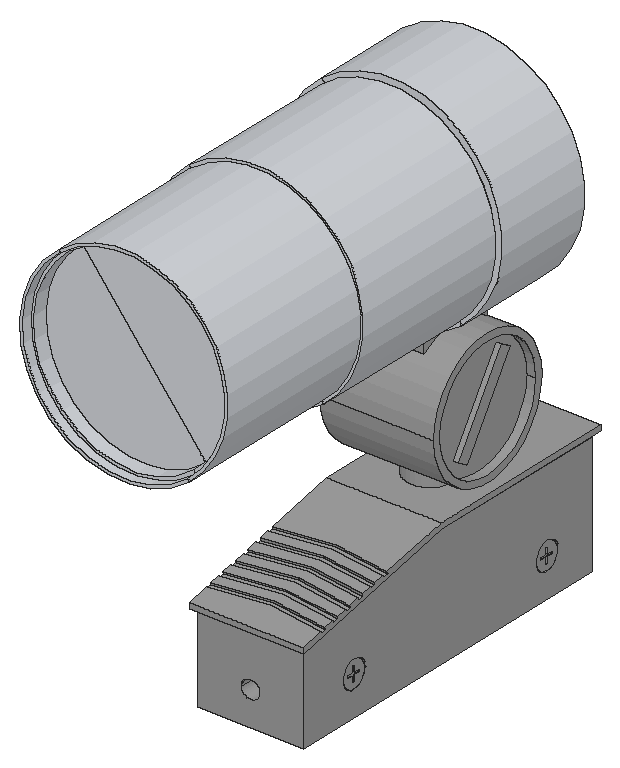
Revit family "TUBE GARDEN_JM6SW.1.24", category Luminarias, Revit 2019
Family settings
  Cota de conector redondo = Diámetro de uso
  Tipo de pieza = Normal
  Se basa en plano de trabajo = Sí
  Siempre vertical = No
  Corte con vacíos al cargar = No
  Origen de luz = Sí
  Compartido = No
  Punto de cálculo de habitación = No
Parameters (values of type "TUBE GARDEN_JM6SW.1.24")
  Ángulo de inclinación = 60.00°
  Zone [instance] = ""
  Watt per fixture = 7.4
  Wattage = 7.4 W
  built-in parameter 1150107 = 3000 (stored number, unit not read)
  built-in parameter 1150110 = 1 (stored number, unit not read)
  built-in parameter 1150109 = 1 (stored number, unit not read)
  built-in parameter 1150112 = 1 (stored number, unit not read)
  built-in parameter 1150113 = 1 (stored number, unit not read)
  built-in parameter 1114218 = 1 (stored number, unit not read)
  Keynote = ""
  built-in parameter 1150142 = "IESNA:LM-63-1995\r\n[TEST] \r\n[DATE] 2016/7/6\r\n[MANUFAC] BRILLANTE ILUMINACION\r\n[LUMCAT] JM6SW.1\r\n[LUMINAIRE] TUBE GARDEN\t\r\n[LAMPCAT] TUBE GARDEN  3000°K  24°\r\n[LAMP] \r\nTILT=NONE\r\n0 -1 1.0 19 9 1 2 0.000 0.000 0.000\r\n1 1 7.2\r\n0.0 5.0 10.0 15.0 20.0 25.0 30.0 35.0 40.0 45.0 50.0 55.0 60.0 65.0 70.0 75.0 80.0 85.0 90.0\r\n0.0 45.0 90.0 135.0 180.0 225.0 270.0 315.0 360.0 \r\n2039.378 1688.097 1147.246 629.132 390.301 278.055 183.834 67.594 25.399 21.609 16.591 11.675 7.783 4.813 2.868 1.639 0.614 0.102 0.000\r\n2042.143 1858.821 1359.039 799.856 528.458 306.526 221.215 104.565 28.266 22.531 18.742 13.928 9.115 5.735 3.175 1.946 0.922 0.205 0.000\r\n2271.551 1896.407 1414.240 823.309 471.926 317.485 202.473 113.782 31.236 21.712 17.410 12.699 8.500 5.428 3.175 1.843 0.922 0.205 0.000\r\n2055.457 1969.531 1513.275 924.392 522.313 334.178 241.800 132.832 35.333 23.248 18.844 14.133 9.627 6.042 3.380 2.048 1.127 0.307 0.000\r\n2039.378 1973.526 1545.433 936.068 540.748 333.973 241.596 119.825 34.821 24.682 21.097 16.591 11.266 6.862 3.789 2.253 1.229 0.307 0.102\r\n2042.143 1822.259 1305.169 736.462 429.731 296.490 194.690 78.962 26.525 23.248 19.459 14.953 10.139 5.735 3.175 1.741 0.819 0.205 0.000\r\n2271.551 1810.687 1266.866 710.756 430.755 298.845 207.594 83.468 25.604 22.224 17.718 13.109 8.603 5.121 3.072 1.741 0.819 0.205 0.102\r\n2055.457 1728.755 1153.186 654.428 409.453 284.712 190.286 78.142 24.682 21.405 16.386 11.675 7.476 4.711 2.765 1.639 0.614 0.102 0.000\r\n2039.378 1688.097 1147.246 629.132 390.301 278.055 183.834 67.594 25.399 21.609 16.591 11.675 7.783 4.813 2.868 1.639 0.614 0.102 0.000\r\n"
  built-in parameter 1150137 = (empty or 0)
  built-in parameter 1150132 = (empty or 0)
  Modelo = "JM6SW.1.24"
  Lámpara = "NICHIA"
  built-in parameter 1150105 = 46.892 (stored number, unit not read)
  built-in parameter 1150102 = (empty or 0)
  built-in parameter 1150106 = 0.46892 (stored number, unit not read)
  Lumens = 589.262 lm
  Color Filter = 16777215
  built-in parameter 1114217 = 1 (stored number, unit not read)
  built-in parameter 1150139 = (empty or 0)
  Fabricante = "BRILLANT"
  Default Elevation = 0 mm
  built-in parameter 1150104 = 7.3979 (stored number, unit not read)
  Descripción = "LUMINARIA DE JARDIN DIRIGIBLE CON DIFERENTES TIPOS DE SUJECION, CUERPO DE ALUMINIO FUNDIDO A PRESION CUBIERTO CON POLVO GRIS OSCURO Y VIDRIO TEMPLADO DE 4MM CON UN PESO DE 1KG, USO PARA INTERIORES Y EXTERIORES IP 66, 1 LED TIPO NICHIA CON UNA POTENCIA DE 7.4W, IRC 80, 593 LUMENES, TEMPERATURA EN BLANCO CALIDO 3000K, EFICIENCIA DE 79.63 LM/W, APERTURA DE 24 GRADOS POR STOCK, CABLE DE 1.9M H05RN-F, ALIMENTADO A 100-240V."
  built-in parameter 1150115 = 1 (stored number, unit not read)
  built-in parameter 1150114 = 1 (stored number, unit not read)
  Comentarios de vataje = "100-240V"
  built-in parameter 1150138 = (empty or 0)
  built-in parameter 1150134 = (empty or 0)
  Circuit [instance] = ""
  Dimming Lamp Color Temperature Shift = (empty or 0)
  Archivo de red fotométrica = "JM6SW.1_24°.ies"
  built-in parameter 1150133 = 10 (stored number, unit not read)
Reference planes
  plane 1 "Centro (Frontal/Posterior)": y = 0
  plane 2: z = 0
  plane 3 "Centro (Izquierda/Derecha)": x = 0
  plane 4: y = -61.917
  plane 5: y = 38.083
  plane 6: z = 35
  plane 7: z = 136
Forms (mm)
  Extrusion 1, solid, material "Aluminio"
    sketch origin (39.88, 0, 33.686) x (0, 0, 1) y (0, -1, 0)
      loop
        line (-33.825, 60.622) -> (-33.825, -36.369) -> (-1.361, -36.369) -> (-1.361, 15.603) -> (-10.93, 60.622) -> (-33.825, 60.622)
    from -54.278 to -25.483
  Revolve 2, solid
    sketch origin (61.33, -20.719, 30.253) x (-0.62932, 0, 0.777146) y (0, -1, 0)
      loop
        line (127.437, -35.031) -> (127.437, -7.435) -> (125.35, -7.435) -> (125.35, -6.354) -> (126.375, -6.354) -> (126.375, 38.021) -> (125.575, 38.021) -> (125.575, 82.636) -> (124.775, 82.636) -> (124.775, 79.943) -> (123.963, 79.943) -> (123.963, 75.975) -> (97.455, 75.975) -> (97.455, -36.864) -> (125.35, -36.864) -> (125.35, -35.031) -> (127.437, -35.031)
      axis (97.455, -36.864) -> (97.455, 82.636)
    angle from 0 to 360
  Extrusion 3, solid, material "Aluminio"
    sketch origin (0.356, 0, 14.678) x (0, 0, 1) y (0, -1, 0)
      loop
        circle (41.155, 0) r 18.092
      loop
        circle (41.155, 0) r 16.339
    from -15.819 to 15
  Extrusion 4, solid, material "Aluminio"
    sketch origin (0.356, 0, 14.678) x (0, 0, 1) y (0, -1, 0)
      loop
        circle (41.155, 0) r 16.339
    from -12.926 to 12.368
  Extrusion 5, solid, material "Aluminio"
    sketch origin (0.356, 0, 14.678) x (0, 0, 1) y (0, -1, 0)
      loop
        line (53.596, -5.944) -> (31.281, 8.548) -> (29.59, 5.944) -> (51.905, -8.548) -> (53.596, -5.944)
    from 12.368 to 14.042
  Extrusion 6, solid, material "Aluminio"
    sketch origin (-0.356, 0, 14.678) x (0, 0, 1) y (0, 1, 0)
      loop
        line (53.596, 5.944) -> (51.905, 8.548) -> (29.59, -5.944) -> (31.281, -8.548) -> (53.596, 5.944)
    from 12.368 to 14.042
  Extrusion 7, solid, material "Aluminio"
    sketch origin (-8.138, 0, 16.682) x (0, 0, 1) y (0, -1, 0)
      loop
        line (61.699, 10.674) -> (53.75, 10.674)
        arc (53.75, 10.674) -> (57.104, 0.102) -> (53.75, -10.47) r 18.336
        line (53.75, -10.47) -> (61.699, -10.47) -> (61.699, 10.674)
    from 1.534 to 14.765
  Extrusion 8, solid, material "Aluminio"
    sketch origin (0, 0, 0) x (1, 0, 0) y (0, 1, 0)
      loop
        circle (0, 0) r 6.607
    from 35 to 39.074
  Extrusion 9, solid, material "Aluminio"
    sketch origin (39.88, 0.947, 34.633) x (0, 0, 1) y (0, -1, 0)
      loop
        line (-1.133, -37.136) -> (0.367, -37.136) -> (0.367, 16.522) -> (-9.484, 62.864) -> (-10.984, 62.864) -> (-1.133, 16.522) -> (-1.133, -37.136)
    from -55.344 to -24.525
  Extrusion 10, void
    sketch origin (0, 1.025, 6.176) x (1, 0, 0) y (0, 0.978012, 0.208547)
      loop
        line (-21.529, -31.26) -> (0, -28.617) -> (21.507, -31.257) -> (21.507, -29.746) -> (0, -27.105) -> (-21.529, -29.749) -> (-21.529, -31.26)
    from 31.104 to 32.437
  Extrusion 11, void
    sketch origin (0, -3.127, 5.294) x (1, 0, 0) y (0, 0.978012, 0.208547)
      loop
        line (-21.529, -31.26) -> (0, -28.617) -> (21.507, -31.257) -> (21.507, -29.746) -> (0, -27.105) -> (-21.529, -29.749) -> (-21.529, -31.26)
    from 31.104 to 32.437
  Extrusion 12, void
    sketch origin (0, -7.292, 4.406) x (1, 0, 0) y (0, 0.978012, 0.208547)
      loop
        line (-21.529, -31.26) -> (0, -28.617) -> (21.507, -31.257) -> (21.507, -29.746) -> (0, -27.105) -> (-21.529, -29.749) -> (-21.529, -31.26)
    from 31.104 to 32.437
  Extrusion 13, void
    sketch origin (0, -11.443, 3.52) x (1, 0, 0) y (0, 0.978012, 0.208547)
      loop
        line (-21.529, -31.26) -> (0, -28.617) -> (21.507, -31.257) -> (21.507, -29.746) -> (0, -27.105) -> (-21.529, -29.749) -> (-21.529, -31.26)
    from 31.104 to 32.437
  Extrusion 14, void
    sketch origin (0, -15.611, 2.632) x (1, 0, 0) y (0, 0.978012, 0.208547)
      loop
        line (-21.529, -31.26) -> (0, -28.617) -> (21.507, -31.257) -> (21.507, -29.746) -> (0, -27.105) -> (-21.529, -29.749) -> (-21.529, -31.26)
    from 31.104 to 32.437
  Extrusion 15, void
    sketch origin (0, -19.773, 1.744) x (1, 0, 0) y (0, 0.978012, 0.208547)
      loop
        line (-21.529, -31.26) -> (0, -28.617) -> (21.507, -31.257) -> (21.507, -29.746) -> (0, -27.105) -> (-21.529, -29.749) -> (-21.529, -31.26)
    from 31.104 to 32.437
  Extrusion 16, void
    sketch origin (0, 0, 0) x (1, 0, 0) y (0, 0, 1)
      loop
        circle (0, 9.003) r 2.52
    from -37.016 to 61.917
  Extrusion 17, void
    sketch origin (13.624, 0, 26.957) x (0, 0, 1) y (0, -1, 0)
      loop
        circle (-16.558, 43.85) r 3.807
      loop
        circle (-16.558, -21.15) r 3.807
    from 0 to 1.376
  Extrusion 18, void
    sketch origin (-13.624, 0, 26.957) x (0, 0, 1) y (0, 1, 0)
      loop
        circle (-16.558, -43.85) r 3.807
      loop
        circle (-16.558, 21.15) r 3.807
    from 0 to 1.376
  Extrusion 19, solid, material "Aluminio"
    sketch origin (39.88, 0.947, 24.633) x (0, 0, 1) y (0, -1, 0)
      loop
        circle (-14.235, 44.797) r 3.604
      loop
        line (-12.053, 45.203) -> (-13.83, 45.203) -> (-13.83, 46.979) -> (-14.64, 46.979) -> (-14.64, 45.203) -> (-16.417, 45.203) -> (-16.417, 44.392) -> (-14.64, 44.392) -> (-14.64, 42.616) -> (-13.83, 42.616) -> (-13.83, 44.392) -> (-12.053, 44.392) -> (-12.053, 45.203)
      loop
        circle (-14.235, -20.203) r 3.604
      loop
        line (-12.053, -19.797) -> (-13.83, -19.797) -> (-13.83, -18.021) -> (-14.64, -18.021) -> (-14.64, -19.797) -> (-16.417, -19.797) -> (-16.417, -20.608) -> (-14.64, -20.608) -> (-14.64, -22.384) -> (-13.83, -22.384) -> (-13.83, -20.608) -> (-12.053, -20.608) -> (-12.053, -19.797)
    from -26.256 to -25.674
  Extrusion 20, solid, material "Aluminio"
    sketch origin (-39.88, 0.947, 24.633) x (0, 0, 1) y (0, 1, 0)
      loop
        circle (-14.235, -44.797) r 3.604
      loop
        line (-12.053, -45.203) -> (-12.053, -44.392) -> (-13.83, -44.392) -> (-13.83, -42.616) -> (-14.64, -42.616) -> (-14.64, -44.392) -> (-16.417, -44.392) -> (-16.417, -45.203) -> (-14.64, -45.203) -> (-14.64, -46.979) -> (-13.83, -46.979) -> (-13.83, -45.203) -> (-12.053, -45.203)
      loop
        circle (-14.235, 20.203) r 3.604
      loop
        line (-12.053, 19.797) -> (-12.053, 20.608) -> (-13.83, 20.608) -> (-13.83, 22.384) -> (-14.64, 22.384) -> (-14.64, 20.608) -> (-16.417, 20.608) -> (-16.417, 19.797) -> (-14.64, 19.797) -> (-14.64, 18.021) -> (-13.83, 18.021) -> (-13.83, 19.797) -> (-12.053, 19.797)
    from -26.256 to -25.674
  Extrusion 21, void
    sketch origin (0, 0, 0) x (1, 0, 0) y (0, 0, 1)
      loop
        circle (-7.163, 17.402) r 6.005
      loop
        circle (-7.163, 17.402) r 5.658
      loop
        circle (-9.606, 17.402) r 0.823
      loop
        circle (-4.719, 17.402) r 0.823
    from -37.016 to -35.635
  Extrusion 22, void
    sketch origin (0, 0, 0) x (-1, 0, 0) y (0, 0, -1)
      loop
        circle (-7.163, -17.402) r 6.005
      loop
        circle (-7.163, -17.402) r 5.658
      loop
        circle (-9.606, -17.402) r 0.823
      loop
        circle (-4.719, -17.402) r 0.823
    from -37.016 to -35.635
Cuts and joins
  Extrusion 10, Extrusion 11, Extrusion 12, Extrusion 13, Extrusion 14, Extrusion 15 cuts Extrusion 9
  Extrusion 16, Extrusion 17, Extrusion 18, Extrusion 21, Extrusion 22 cuts Extrusion 1
Dimensions and locks
  plane 4 to plane 5 = 100 mm
  plane 6 to level = 35 mm
  plane 7 to level = 136 mm
  Revolve 2 to Revolve 2 = 119.5 mm
  Revolve 2 sketch curve to Revolve 2 sketch curve = 23.301 mm
  aligned and locked: level to plane 2
Connectors
  electrical at (0, 36.369, 16.093)
    settings: on cut or joined group of Extrusion 1, Extrusion 16, Extrusion 17, Extrusion 18, Extrusion 21, Extrusion 22, index 1, voltage 240 V, apparent load 0 VA, apparent load phase1 0 VA, apparent load phase2 0 VA, apparent load phase3 0 VA, power factor 1, load classification "Otro", number of poles 1, system type 31, power factor state 1, is connector primary yes, connector utility no, sub classification motor no, connector description ""
